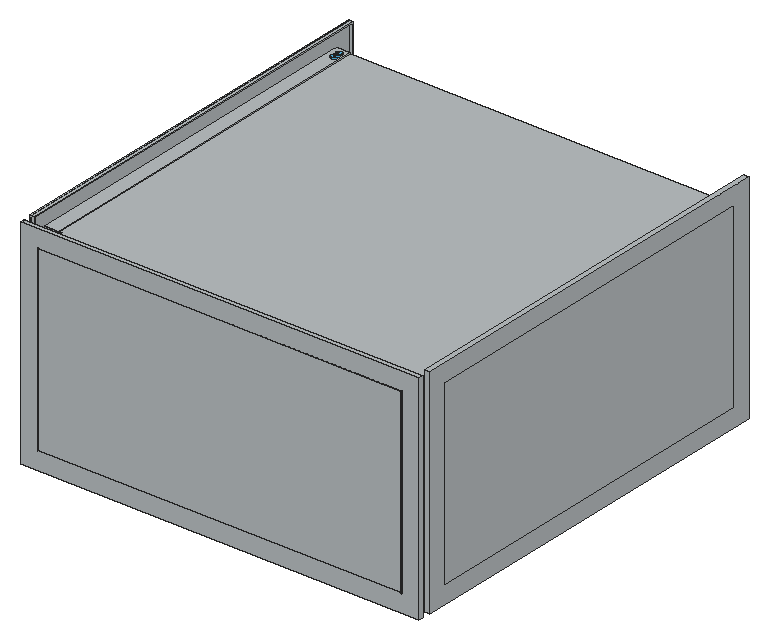
Revit family "NLRS_57_DUF_UN_rechthoekig-haaks-T-stuk-nijburg", category Duct Fittings, Revit 2020
Family settings
  Round Connector Dimension = Use Diameter
  Part Type = Tee
  Work Plane-Based = No
  Always vertical = Yes
  Cut with Voids When Loaded = No
  Shared = No
Parameters (values of type "T-stuk haaks")
  built-in parameter 1114242 [instance] = 1 = 0  # (empty or 0)
  URL = "https://nijburg-klimaattechniek.nl/oplossingen/rechthoekige-kanalen/"
  Type Comments = ""
  NPR_c03_recht [instance] = 50 mm
  NPR_c02_recht [instance] = 30 mm
  NPR_c01_recht [instance] = 30 mm
  NPR_S3 [instance] = if(and(NPR_c03_recht < 50 mm, or(NPR_c01_recht < 50 mm, NPR_c02_recht < 50 mm)), 50 mm, if(NPR_c03_recht < 30 mm, 30 mm, NPR_c03_recht))  # 50 mm
  NPR_S2 [instance] = if(NPR_c02_recht < 30 mm, 30 mm, NPR_c02_recht)  # 30 mm
  NPR_S1 [instance] = if(NPR_c01_recht < 30 mm, 30 mm, NPR_c01_recht)  # 30 mm
  NPR_Luka_m² [instance] = ((NLRS_M_c01_breedte + NLRS_M_c01_hoogte) * 2 * NPR_L1) + ((NLRS_M_c03_breedte + NLRS_M_c03_hoogte) * 2 * (NPR_L2 + (NLRS_M_c02_breedte / 2)))  # 1.818 m²
  NPR_L2 [instance] = NPR_S3  # 50 mm
  NPR_L1 [instance] = NPR_S1 + NLRS_M_c03_breedte + NPR_S2  # 660 mm
  NPR_Artikelcode = "RHKV"  # constant formula
  NLRS_M_c03_hoogte [instance] = NLRS_M_c01_hoogte  # 300 mm
  NLRS_M_c03_breedte [instance] = 600 mm
  NLRS_M_c02_hoogte [instance] = NLRS_M_c01_hoogte  # 300 mm
  NLRS_M_c02_breedte [instance] = NLRS_M_c01_breedte  # 600 mm
  NLRS_M_c01_hoogte [instance] = 300 mm
  NLRS_M_c01_breedte [instance] = 600 mm
  NLRS_C_model = Model  # "T-stuk haaks"
  NLRS_C_description = Description  # "Rechthoekig haaks T-stuk"
  NLRS_C_content_versie = "1.20.00"  # constant formula
  NLRS_C_content_provider = "Nijburg Klimaattechniek"  # constant formula
  NLRS_C_content_datum_gewijzigd = "05-05-2023"  # constant formula
  NLRS_C_content_creator = "J.Feeke"  # constant formula
  Model = "T-stuk haaks"  # constant formula
  Manufacturer = "Nijburg Klimaattechniek BV"  # constant formula
  Description = "Rechthoekig haaks T-stuk"  # constant formula
  Default Elevation = 0 mm
  Assembly Code = "57.50"
Reference planes
  plane 1 "Center (Front/Back)": y = 0
  plane 2: z = 0
  plane 3 "Center (Left/Right)": x = 0
  plane 4: y = 300
  plane 5: y = -300
  plane 6: y = -300
  plane 7: y = 300
  plane 8: x = -300
  plane 9: x = 300
  plane 10: y = 0
  plane 11: x = -330
  plane 12: x = 330
  plane 13: y = -350
  plane 14 "Top": z = 150
  plane 15 "Bottom": z = -150
Forms (mm)
  Extrusion 1, solid, material "NLRS_57_sendzimir verzinkt_gen_sacs"
    sketch origin (0, 0, 0) x (1, 0, 0) y (0, 1, 0)
      loop
        line (-330, 300) -> (-330, -300) -> (-300, -300) -> (-300, -350) -> (300, -350) -> (300, -300) -> (330, -300) -> (330, 300) -> (300, 300) -> (-300, 300) -> (-330, 300)
    from -150 to 150
  Sweep 2, solid, material "NLRS_57_sendzimir verzinkt_gen_sacs"
    path in 3D
      loop
        line (300, -350, 150) -> (300, -350, -150) -> (-300, -350, -150) -> (-300, -350, 150) -> (300, -350, 150)
    profile "DW_Profile : Kanaal" origin (0, -350, 150) x (0, 1, 0) y (0, 0, 1)
      loop
        line (25, 0) -> (25, 1) -> (1, 1) -> (1, 28) -> (7.5, 28) -> (7.5, 29) -> (0, 29) -> (0, 0) -> (25, 0)
  Sweep 3, solid, material "NLRS_57_sendzimir verzinkt_gen_sacs"
    path in 3D
      loop
        line (-330, -300, 150) -> (-330, -300, -150) -> (-330, 300, -150) -> (-330, 300, 150) -> (-330, -300, 150)
    profile "DW_Profile : Kanaal" origin (-330, 0, 150) x (1, 0, 0) y (0, 0, 1)
      loop
        line (25, 0) -> (25, 1) -> (1, 1) -> (1, 28) -> (7.5, 28) -> (7.5, 29) -> (0, 29) -> (0, 0) -> (25, 0)
  Sweep 4, solid, material "NLRS_57_sendzimir verzinkt_gen_sacs"
    path in 3D
      loop
        line (330, 300, 150) -> (330, 300, -150) -> (330, -300, -150) -> (330, -300, 150) -> (330, 300, 150)
    profile "DW_Profile : Kanaal" origin (330, 0, 150) x (-1, 0, 0) y (0, 0, 1)
      loop
        line (25, 0) -> (25, 1) -> (1, 1) -> (1, 28) -> (7.5, 28) -> (7.5, 29) -> (0, 29) -> (0, 0) -> (25, 0)
  Extrusion 5, solid, not visible
    sketch origin (0, 0, 0) x (1, 0, 0) y (0, 1, 0)
      loop
        arc (-2, 2) -> (-4, 0) -> (-2, -2) r 2
        line (-2, -2) -> (-2, 0) -> (0, -2) -> (0, 0) -> (-2, 2)
    from 0 to 2
  Extrusion 6, solid, not visible
    sketch origin (0, 0, 0) x (1, 0, 0) y (0, 1, 0)
      loop
        arc (2, -2) -> (4, 0) -> (2, 2) r 2
        line (2, 2) -> (2, 0) -> (0, 2) -> (0, 0) -> (2, -2)
    from 0 to 2
Lines and regions (mm)
  sketch lines
    curve 1: line (-300, -350, 150) -> (300, -350, 150)
    curve 2: line (-300, -350, 150) -> (-300, -350, -150)
    curve 3: line (300, -350, -150) -> (-300, -350, -150)
    curve 4: line (300, -350, 150) -> (300, -350, -150)
    curve 5: line (-330, 300, 150) -> (-330, -300, 150)
    curve 6: line (-330, -300, 150) -> (-330, -300, -150)
    curve 7: line (-330, -300, -150) -> (-330, 300, -150)
    curve 8: line (-330, 300, 150) -> (-330, 300, -150)
    curve 9: line (330, -300, 150) -> (330, 300, 150)
    curve 10: line (330, 300, 150) -> (330, 300, -150)
    curve 11: line (330, 300, -150) -> (330, -300, -150)
    curve 12: line (330, -300, 150) -> (330, -300, -150)
Dimensions and locks
  equal spacing: plane 7, plane 1 "Center (Front/Back)", plane 6
  equal spacing: plane 8, plane 3 "Center (Left/Right)", plane 9
  equal spacing: plane 4, plane 10, plane 5
  "NPR_L2": plane 5 to plane 13
  "NLRS_M_c03_breedte": plane 8 to plane 9
  "NLRS_M_c01_breedte": plane 7 to plane 6
  "NLRS_M_c02_breedte": plane 4 to plane 5
  equal spacing: plane 14 "Top", level, plane 15 "Bottom"
  "NLRS_M_c01_hoogte": plane 14 "Top" to plane 15 "Bottom"
  locked: plane 11 to nested 2 at 15
  locked: plane 7 to nested 2 at 15
  locked: plane 11 to nested 1 at 15
  locked: plane 7 to nested 1 at 15
  "NPR_S3": plane 6 to plane 13
  "NPR_S1": plane 11 to plane 8
  "NPR_S2": plane 9 to plane 12
  aligned and locked: level to plane 2
  aligned and locked: Extrusion 1 sketch curve to plane 13
  aligned and locked: Extrusion 1 sketch curve to plane 11
  aligned and locked: Extrusion 1 sketch curve to plane 4
  aligned and locked: plane 5 to Extrusion 1 sketch curve
  aligned and locked: plane 7 to Extrusion 1 sketch curve
  aligned and locked: Extrusion 1 sketch curve to plane 6
  aligned and locked: plane 8 to Extrusion 1 sketch curve
  aligned and locked: plane 9 to Extrusion 1 sketch curve
  aligned and locked: plane 14 "Top" to Extrusion 1
  aligned and locked: Extrusion 1 to plane 15 "Bottom"
Automatic sketch dimensions
  plane 1 "Center (Front/Back)" to Extrusion 5 sketch curve = 0 mm  (x3)
  Extrusion 5 sketch curve to plane 3 "Center (Left/Right)" = 0 mm
  Extrusion 5 sketch curve to plane 3 "Center (Left/Right)" = 2 mm
  Extrusion 5 sketch curve to Extrusion 5 sketch curve = 2 mm
  Extrusion 5 sketch curve to Extrusion 5 sketch curve = 0 mm
  plane 1 "Center (Front/Back)" to Extrusion 6 sketch curve = 0 mm  (x3)
  Extrusion 6 sketch curve to plane 3 "Center (Left/Right)" = 0 mm
  plane 3 "Center (Left/Right)" to Extrusion 6 sketch curve = 2 mm
  plane 1 "Center (Front/Back)" to Extrusion 6 sketch curve = 2 mm
  Extrusion 6 sketch curve to Extrusion 6 sketch curve = 0 mm
  Extrusion 1 sketch curve to plane 12 = 0 mm
  Extrusion 1 sketch curve to plane 8 = 0 mm
  Extrusion 1 sketch curve to plane 9 = 0 mm
Nested families
  nested 1: "logo_single" at (-315, 285, -152) x (0, -1, 0) z (0, 0, 1), type "logo_single"
  nested 2: "logo_single" at (-315, 285, 150) x (0, -1, 0) z (0, 0, 1), type "logo_single"
Connectors
  hvac at (-330, 0, 0), driven by "NLRS_M_c01_hoogte", driven by "NLRS_M_c01_breedte"
    settings: on Extrusion 1, index 1, duct flow 0.0 L/s, flow factor 0, pres drop 0.0 Pa, loss coef 0, conn angle 0.00°, conn width 600 mm, conn height 300 mm, conn diameter 609.6 mm, duct sys type 28, conn prof type 1, flow config 0, flow direction 0, loss method 0, conn ref index 2, conn util no, is conn primary yes, conn desc ""
  hvac at (330, 0, 0), driven by "NLRS_M_c01_hoogte", driven by "NLRS_M_c02_breedte"
    settings: on Sweep 4, index 2, duct flow 0.0 L/s, flow factor 0, pres drop 0.0 Pa, loss coef 0, conn angle 0.00°, conn width 600 mm, conn height 300 mm, conn diameter 609.6 mm, duct sys type 28, conn prof type 1, flow config 0, flow direction 0, loss method 0, conn ref index 1, conn util no, is conn primary no, conn desc ""
  hvac at (0, -350, 0), driven by "NLRS_M_c01_hoogte", driven by "NLRS_M_c03_breedte"
    settings: on Extrusion 1, index 3, duct flow 0.0 L/s, flow factor 0, pres drop 0.0 Pa, loss coef 0, conn angle 0.00°, conn width 600 mm, conn height 300 mm, conn diameter 609.6 mm, duct sys type 28, conn prof type 1, flow config 0, flow direction 0, loss method 0, conn ref index -1, conn util no, is conn primary no, conn desc ""
Definition of nested family "logo_single"
  Parameters (values of type "logo_single")
    t = 5 mm
    Model = "LOD 400"
    Description = "Model type"
    Default Elevation = 1219.2 mm
  Reference planes
    plane 1 "Center (Front/Back)": y = 0
    plane 2: z = 0
    plane 3 "Center (Left/Right)": x = 0
    plane 4: z = 2
    plane 5: x = -10
    plane 6: y = -5
    plane 7: y = 5
    plane 8: x = -5
    plane 9: x = 5
    plane 10: x = 10
  Forms (mm)
    Extrusion 1, solid
      sketch origin (-547.644, -297.937, 0) x (1, 0, 0) y (0, 1, 0)
        loop
          arc (542.644, 302.937) -> (537.644, 297.937) -> (542.644, 292.937) r 5
          line (542.644, 292.937) -> (542.644, 297.937) -> (547.644, 292.937) -> (547.644, 297.937) -> (542.644, 302.937)
      from 0 to 2
    Extrusion 2, solid
      sketch origin (0, 0, 0) x (1, 0, 0) y (0, 1, 0)
        loop
          arc (5, -5) -> (10, 0) -> (5, 5) r 5
          line (5, 5) -> (5, 0) -> (0, 5) -> (0, 0) -> (5, -5)
      from 0 to 2
  Dimensions and locks
    "t": plane 7 to plane 1 "Center (Front/Back)"
    "t": plane 6 to plane 1 "Center (Front/Back)"
    "t": plane 5 to plane 8
    "t": plane 8 to plane 3 "Center (Left/Right)"
    "t": plane 3 "Center (Left/Right)" to plane 9
    "t": plane 9 to plane 10
    aligned and locked: level to plane 2
    aligned and locked: plane 4 to Extrusion 1
  Automatic sketch dimensions
    plane 1 "Center (Front/Back)" to Extrusion 1 sketch curve = 0 mm  (x3)
    Extrusion 1 sketch curve to plane 8 = 0 mm
    Extrusion 1 sketch curve to plane 7 = 0 mm
    Extrusion 1 sketch curve to plane 3 "Center (Left/Right)" = 0 mm
    Extrusion 1 sketch curve to plane 6 = 0 mm
    Extrusion 2 sketch curve to plane 3 "Center (Left/Right)" = 0 mm
    plane 1 "Center (Front/Back)" to Extrusion 2 sketch curve = 0 mm  (x3)
    Extrusion 2 sketch curve to plane 6 = 0 mm
    Extrusion 2 sketch curve to plane 9 = 0 mm
    Extrusion 2 sketch curve to plane 7 = 0 mm
